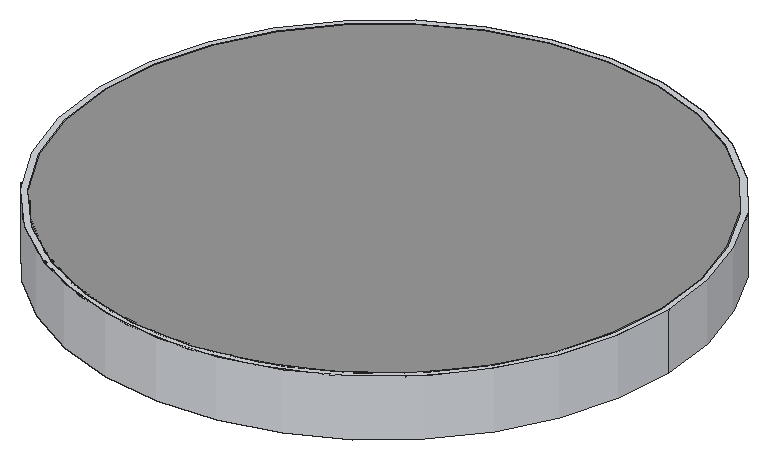
Revit family "2071178", category Lighting Fixtures, host Face, Revit 2018
Family settings
  Host = Face
  Round Connector Dimension = Use Diameter
  Part Type = Normal
  OmniClass Number = 23.80.70.00
  OmniClass Title = Lighting
  Cut with Voids When Loaded = No
  Light Source = Yes
  Shared = No
  Room Calculation Point = No
Parameters (values of type "2071178 COLOSSAL 600 840 OP DIR WHT SSC")
  iner diameter = 588 mm
  Weight = "n/a"
  Wattage Comments = ""
  Wattage = 30 W
  WarrantyStartDate [instance] = "n/a"
  WarrantyGuarantorParts = "n/a"
  WarrantyDurationUnit = "n/a"
  WarrantyDurationParts = ""
  WarrantyDescription = "http://www.sylvania-lighting.com"
  built-in parameter 1150110 = 1 (stored number, unit not read)
  Voltage = 230 V
  URL = "0.99"
  TypeName = "COLOSSAL 600mm 840 OPAL DIR WHITE SSC"
  Type Image = <None>
  Type Comments = "n/a"
  built-in parameter 1114217 = 1 (stored number, unit not read)
  Tilt Angle = -90.00°
  built-in parameter 1150109 = 1 (stored number, unit not read)
  built-in parameter 1150134 = (empty or 0)
  built-in parameter 1150113 = 1 (stored number, unit not read)
  SerialNumber [instance] = "n/a"
  Photometric Web File = "2071178.ies"
  Material_3_SYL = LED-Sylvania
  PowerFactor = 0
  PowerConsumption = "Lighting"
  NominalLength = 600 mm
  NominalHeight = 93 mm
  NominalDepth = 600 mm
  Name = "COLOSSAL 600mm 840 OPAL DIR WHITE SSC"
  ModelReference = Name  # "COLOSSAL 600mm 840 OPAL DIR WHITE SSC"
  ModelNumber = "2071178"
  Model = Name  # "COLOSSAL 600mm 840 OPAL DIR WHITE SSC"
  Material = "Feilo Sylvania"
  ManufacturerName = "133 lm/W"
  Manufacturer = ""
  LuminousEfficacy = ""
  built-in parameter 1150105 = 270.44 (stored number, unit not read)
  Lumens = 3398.4 lm
  LuminaireType = "0"
  built-in parameter 1150115 = 1 (stored number, unit not read)
  LightOutputRatio = "LED"
  built-in parameter 1150137 = (empty or 0)
  built-in parameter 1150139 = (empty or 0)
  LampsType = Lamp  # "n/a"
  LampNominalLuminous = "4000 K"
  LampMacAdamStep = "80"
  LampColourTemperature = "LED"
  LampColourRenderingIndex = "16500"
  built-in parameter 1150112 = 1 (stored number, unit not read)
  built-in parameter 1150114 = 1 (stored number, unit not read)
  Lamp = "n/a"
  Keynote = "n/a"
  InstallationDate [instance] = "n/a"
  InputVoltage = "0"
  InputNominalFrequency = "4000"
  built-in parameter 1150132 = (empty or 0)
  built-in parameter 1150102 = (empty or 0)
  built-in parameter 1150107 = 3000 (stored number, unit not read)
  built-in parameter 1150138 = (empty or 0)
  IngressProtection = "IfcLightFixtureType"
  ImpactProtectionIndex = "IfcLightFixtureType"
  built-in parameter 1150106 = 2.7044 (stored number, unit not read)
  IfcExportType = "IfcLightFixtureType"
  IfcExportAs = "Class I"
  Emit from Circle Diameter = 385 mm
  Emit Shape Visible in Rendering = no
  ElectricShockClassification = "133"
  built-in parameter 1150104 = 10.524 (stored number, unit not read)
  DocumentationLiterature = "http://www.sylvania-lighting.com/product/en-int/products/2071178"
  DimmingControlOptions = "n/a"
  Material_2_SYL = Polycarbonate_Sylvania_White
  Dimming Lamp Color Temperature Shift = <None>
  Description = "600mm diameter circular architectural luminaire, can be surface mounted or suspended. Powder coated aluminium housing (RAL9016) with polycarbonate opal diffuser. Direct light distribution, 5330lm luminuous flux, 40.1W system power, 133lm/W luminiaire efficacy. Sylsmart Standalone enabled. Colour rendering index Ra >80, 4000K Neutral White LED, chromaticity tolerance of 3-step MacAdam ellipse. IP40, IK03. 450mA drive current. Electrical protection Class1, 220-240V. Reported lifetime 66k hours L90B10."
  Default Elevation = 1219.2 mm
  CreatedOn = "23/03/2022"
  CreatedBy = "@sylvania-lighting.com"
  Cost = 0
  Color Filter = 16777215
  built-in parameter 1114216 [instance] = (empty or 0)
  ClassificationValue = "EF_70_80"
  ClassificationName = "Uniclass2015"
  Material_1_SYL = Polycarbonate_Sylvania_Opal
  BarCode [instance] = "n/a"
  built-in parameter 1114218 = 1 (stored number, unit not read)
  built-in parameter 1150133 = 10 (stored number, unit not read)
  AssetType = "Fixed"
  AssetIdentifier [instance] = "n/a"
  Assembly Code = "D5020200"
  Apparent Load = 40.1 VA
  Material_4_SYL = none
Reference planes
  plane 1 "Center (Front/Back)": y = 0
  plane 2: z = 0
  plane 3 "Center (Left/Right)": x = 0
  plane 4: x = -300
  plane 5: x = 300
  plane 6: y = 300
  plane 7: y = -300
  plane 8: y = 212
  plane 9: y = -212
  plane 10: z = 93
  plane 11: y = 294
  plane 12: y = -294
  plane 13: through (0, 0, 1219.2) normal (0.5, -0.866, 0)
  plane 14: through (-134.29, 20.617, 1219.2) normal (0.5, -0.866, 0)
  plane 15: through (-144.685, -181.683, 1219.2) normal (-0.5, 0.866, 0)
  plane 16: through (0, 0, 1219.2) normal (0.5, 0.866, 0)
  plane 17: through (178.555, -4.939, 1219.2) normal (0.5, 0.866, 0)
  plane 18: through (87.581, -148.715, 1219.2) normal (0.5, 0.866, 0)
  plane 19: y = 272
  plane 20: through (105.168, 227.067, 1219.2) normal (0.866, 0.5, 0)
  plane 21: through (-104.171, 225.672, 1219.2) normal (0.8572, -0.515, 0)
  plane 22: y = -204.612
  plane 23: through (-296.643, -30.2, 1219.2) normal (0.866, 0.5, 0)
  plane 24: through (153.092, -278.837, 1219.2) normal (-0.866, 0.5, 0)
Forms (mm)
  Extrusion 1, solid, detail levels medium+fine
    sketch origin (0, 0, 0) x (1, 0, 0) y (0, 1, 0)
      loop
        circle (0, 0) r 300
    from 33.023 to 93
  Extrusion 2, void
    sketch origin (0, 0, 0) x (1, 0, 0) y (0, 1, 0)
      loop
        circle (0, 0) r 294
    from 93 to 37.292
  Extrusion 3, solid, material "Glass, White, High Luminance", detail levels fine
    sketch origin (0, 0, 0) x (1, 0, 0) y (0, 1, 0)
      loop
        circle (0, 0) r 294
    from 88.026 to 93
  Extrusion 4, solid, detail levels coarse
    sketch origin (0, 0, 0) x (1, 0, 0) y (0, 1, 0)
      loop
        line (-300, 300) -> (-300, -300) -> (300, -300) -> (300, 300) -> (-300, 300)
    from 0 to 93
  Blend 5, solid, detail levels medium+fine
    base sketch origin (0, 0, 0) x (1, 0, 0) y (0, 1, 0)
      loop
        line (-76.334, 272) -> (-277.665, -63.07) -> (-195.946, -204.612) -> (195.946, -204.612) -> (275.172, -67.388) -> (79.226, 272) -> (-76.334, 272)
    top sketch origin (0, 0, 0) x (1, 0, 0) y (0, 1, 0)
      loop
        line (-226.097, -32.388) -> (-141.097, -179.612) -> (141.097, -179.612) -> (226.097, -32.388) -> (85, 212) -> (-85, 212) -> (-226.097, -32.388)
    from 33.023 to 0
Cuts and joins
  Extrusion 2 cuts Extrusion 1
Lines and regions (mm)
  model lines
    curve 1: line (-85, 212, 0) -> (0, 212, 0)
    curve 2: line (0, 212, 0) -> (85, 212, 0)
Dimensions and locks
  "NominalDepth": plane 6 to plane 7
  "NominalLength": plane 4 to plane 5
  equal spacing: plane 4, plane 3 "Center (Left/Right)", plane 5
  "iner diameter": plane 11 to plane 12
  equal spacing: plane 11, plane 1 "Center (Front/Back)", plane 12
  equal spacing: plane 6, plane 1 "Center (Front/Back)", plane 7
  "NominalHeight": plane 10 to level
  radius of Extrusion 2 sketch curve = 294 mm
  aligned and locked: plane 2 to host face
  aligned and locked: level to host face
Automatic sketch dimensions
  host sketch curve to host sketch curve = 2438.4 mm  (x2)
  plane 1 "Center (Front/Back)" to Extrusion 1 sketch curve = 0 mm
  Extrusion 1 sketch curve to plane 3 "Center (Left/Right)" = 0 mm
  plane 1 "Center (Front/Back)" to Extrusion 2 sketch curve = 0 mm
  Extrusion 2 sketch curve to plane 3 "Center (Left/Right)" = 0 mm
  plane 1 "Center (Front/Back)" to Extrusion 3 sketch curve = 0 mm
  Extrusion 3 sketch curve to plane 3 "Center (Left/Right)" = 0 mm
  Extrusion 4 sketch curve to plane 4 = 0 mm
  Extrusion 4 sketch curve to plane 5 = 0 mm
  Extrusion 4 sketch curve to plane 7 = 0 mm
  Extrusion 4 sketch curve to plane 6 = 0 mm
  Blend 5 sketch curve to plane 8 = 0 mm
  Blend 5 sketch curve to plane 3 "Center (Left/Right)" = 85 mm
  plane 3 "Center (Left/Right)" to Blend 5 sketch curve = 85 mm
  plane 9 to Blend 5 sketch curve = 32.388 mm
  plane 3 "Center (Left/Right)" to Blend 5 sketch curve = 141.097 mm
  plane 1 "Center (Front/Back)" to Blend 5 sketch curve = 32.388 mm  (x2)
  Blend 5 sketch curve to plane 5 = 73.903 mm
  Blend 5 sketch curve to plane 3 "Center (Left/Right)" = 141.097 mm
  plane 4 to Blend 5 sketch curve = 73.903 mm
  curve 1 to plane 8 = 0 mm
  curve 2 to plane 3 "Center (Left/Right)" = 0 mm
  curve 1 to plane 3 "Center (Left/Right)" = 85 mm
  curve 1 to curve 2 = 85 mm
  Blend 5 sketch curve to plane 21 = 0 mm
  Blend 5 sketch curve to plane 23 = 0 mm  (x2)
  Blend 5 sketch curve to plane 22 = 0 mm
  Blend 5 sketch curve to plane 19 = 0 mm
  plane 21 to Blend 5 sketch curve = 0 mm
  Blend 5 sketch curve to plane 20 = 0 mm  (x2)
  Blend 5 sketch curve to plane 24 = 0 mm  (x2)
  radius of Extrusion 1 sketch curve = 300 mm
  radius of Extrusion 3 sketch curve = 294 mm
Connectors
  electrical at (0, 0, 0), driven by "Apparent Load", driven by "PowerFactor", driven by "Voltage"
    settings: index 1, voltage 230 V, apparent load 40.1 VA, apparent load phase1 0 VA, apparent load phase2 0 VA, apparent load phase3 0 VA, power factor 0, load classification "Lighting", number of poles 1, system type 30, power factor state 1, is connector primary yes, connector utility no, sub classification motor no, connector description ""
